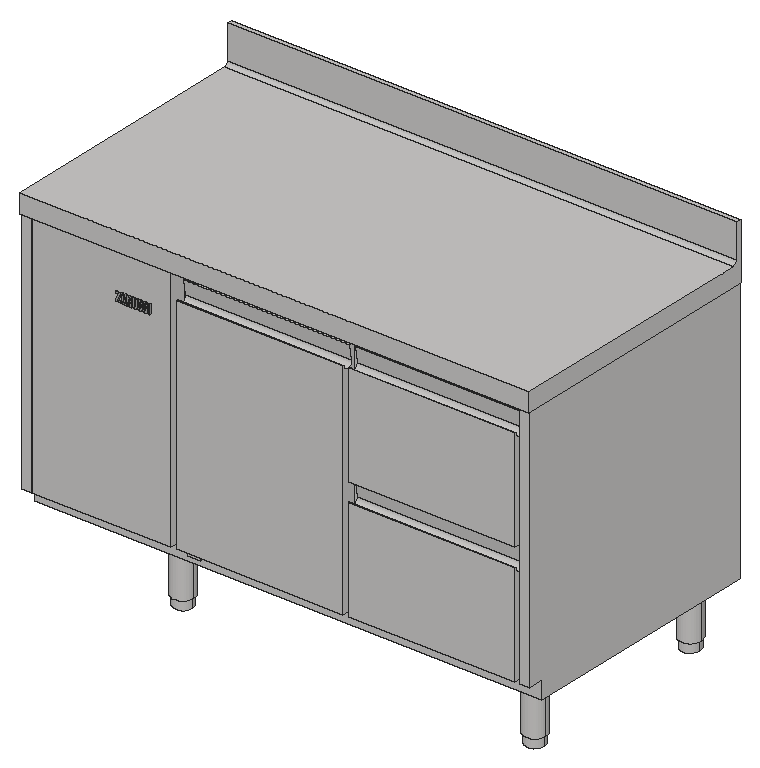
Revit family "QF_ZANUSSI_111026_ZH2H3AB", category Specialty Equipment, Revit 2018
Family settings
  Round Connector Dimension = Use Diameter
  Part Type = Normal
  Work Plane-Based = No
  Always vertical = Yes
  Cut with Voids When Loaded = No
  Shared = No
  Room Calculation Point = No
Parameters
  Weight = 0.00 kg
  Watts = 0.0232258 W
  Volts = 220 V
  URL Manufacturer = "http://www.zanussiprofessional.com/"
  URL = "http://www.zanussiprofessional.com/"
  Steam Supply Size = 0 mm
  Steam Supply Minimum Pressure = 0.0 Pa
  Steam Supply Maximum Pressure = 0.0 Pa
  Steam Pounds per Hour = 0
  Show Logo [instance] = yes
  Show Clearance [instance] = yes
  Refrigeration Suction Line Size = 0 mm
  Refrigeration Liquid Line Size = 0 mm
  Refrigerant Compressor Remote = yes
  Manufacturer = "Zanussi"
  Phase = 1
  Model = "ZH2H3AB"
  Length Actual = 1345 mm  # constant formula
  Item Number = "111026"
  Hot Water Size = 0 mm
  Height Actual = 1000 mm  # constant formula
  HP = "0.3 HP"
  Gas Size = 0 mm
  Gas KW = 0
  Gas Input Pressure = 0 W
  Description = "1DOOR+2DRAWERS REF.TABLE 290L-SPLASHB"
  Depth Actual = 700 mm  # constant formula
  Cycle = 50 Hz
  Condensate Return Size = 0 mm
  Compressed Air Volume = 0.0 L/s
  Compressed Air Size = 0 mm
  Compressed Air Pressure = 0.0 Pa
  Cold Water Size = 0 mm
  Accessory = yes
Reference planes
  plane 1 "Center X": y = 182.5
  plane 2: z = 0
  plane 3 "Center Y": x = -126.5
  plane 4: y = -62.5
  plane 5: y = 451.5
  plane 6 "BACK": y = 532.5
  plane 7 "FRONT": y = -167.5
  plane 8: x = -452
  plane 9: x = 478
  plane 10: z = 150
  plane 11 "TOP": z = 900
  plane 12: z = 850
  plane 13 "LEFT": x = -797
  plane 14 "RIGHT": x = 544
  plane 15: x = -799
  plane 16: x = 546
Forms (mm)
  Extrusion 1, solid, material "QF_Finishes_Stainless Steel"
    sketch origin (-126.5, 2, 0) x (0, 1, 0) y (0, 0, 1)
      loop
        line (530.5, 150) -> (530.5, 850) -> (-124.5, 850) -> (-124.5, 150) -> (530.5, 150)
    from -670.5 to 670.5
  Extrusion 2, solid, material "QF_Finishes_Stainless Steel"
    sketch origin (-1022.223, -1524, 150) x (-1, 0, 0) y (0, -1, 0)
      loop
        line (-225.223, -1361.5) -> (-250.223, -1361.5) -> (-250.223, -1401.5) -> (-225.223, -1401.5) -> (-225.223, -1361.5)
      loop
        line (-1566.223, -1401.5) -> (-1541.223, -1401.5) -> (-1541.223, -1361.5) -> (-1566.223, -1361.5) -> (-1566.223, -1401.5)
    from 47 to 700
  Extrusion 3, solid, material "QF_Finishes_Stainless Steel"
    sketch origin (0, 0, 900) x (-1, 0, 0) y (0, -1, 0)
      loop
        circle (-57, -94.5) r 8.45
    from -790.577 to -750
  Extrusion 4, solid, material "QF_Finishes_Stainless Steel"
    sketch origin (0, 0, 0) x (1, 0, 0) y (0, 1, 0)
      loop
        circle (-713, 451.5) r 4
    from 109.423 to 150
  Extrusion 5, solid, material "QF_Finishes_Stainless Steel"
    sketch origin (-126.5, 0, 0) x (0, 1, 0) y (0, 0, 1)
      loop
        line (-167.5, 900) -> (-167.5, 850) -> (532.5, 850) -> (532.5, 1000) -> (519.5, 1000) -> (519.5, 910)
        arc (519.5, 910) -> (516.571, 902.929) -> (509.5, 900) r 10
        line (509.5, 900) -> (-167.5, 900)
    from 672.5 to -672.5
Cuts and joins
  joined: Extrusion 1, Extrusion 2
Lines and regions (mm)
  symbolic lines, style "SpecialityEquipmentHiddenLines"
    curve 1: line (-799, -122.5, 900) -> (546, -122.5, 900)
    curve 2: line (-396, -167.5, 900) -> (-396, -122.5, 900)
  symbolic lines, style "SpecialityEquipment"
    curve 3: line (-799, 532.5, 900) -> (546, 532.5, 900)
    curve 4: line (-799, 532.5, 900) -> (-799, -167.5, 900)
    curve 5: line (-799, -167.5, 900) -> (546, -167.5, 900)
    curve 6: line (546, -167.5, 900) -> (546, 532.5, 900)
    curve 7: line (-799, 519.5, 900) -> (546, 519.5, 900)
Dimensions and locks
  locked: plane 6 "BACK" to plane 7 "FRONT" at 700
  equal spacing: plane 6 "BACK", plane 1 "Center X", plane 7 "FRONT"
  locked: plane 6 "BACK" to plane 5 at 81
  plane 10 to level = 150 mm
  plane 11 "TOP" to plane 12 to plane 10 = 50 mm locked, 700 mm locked
  locked: Extrusion 2 sketch curve to Extrusion 2 sketch curve at 25  (x2)
  locked: plane 4 to plane 7 "FRONT" at 105
  locked: plane 6 "BACK" to Extrusion 3 sketch curve at 438
  equal spacing: plane 13 "LEFT", plane 3 "Center Y", plane 14 "RIGHT"
  plane 15 to plane 16 = 1345 mm
  locked: plane 13 "LEFT" to plane 8 at 345
  locked: plane 9 to plane 14 "RIGHT" at 66
  locked: Extrusion 3 sketch curve to plane 14 "RIGHT" at 487
  plane 13 "LEFT" to Extrusion 4 sketch curve = 84 mm
  locked: plane 6 "BACK" to Extrusion 4 sketch curve at 81
  locked: plane 10 to Extrusion 4 at 40.577
  aligned and locked: level to plane 2
  aligned and locked: plane 10 to Extrusion 3
  aligned and locked: nested 4 to plane 4
  aligned and locked: nested 1 to plane 4
  aligned and locked: nested 3 to plane 5
  aligned and locked: nested 2 to plane 5
  aligned and locked: plane 8 to nested 1
  aligned and locked: plane 8 to nested 2
  aligned and locked: plane 9 to nested 4
  aligned and locked: plane 9 to nested 3
  aligned and locked: Extrusion 1 to Extrusion 2
  aligned and locked: Extrusion 2 to Extrusion 1
  aligned and locked: Extrusion 2 sketch curve to plane 14 "RIGHT"
  aligned and locked: plane 13 "LEFT" to Extrusion 2 sketch curve
  aligned and locked: cut or joined group of Extrusion 1, Extrusion 2 to plane 10
  aligned and locked: plane 12 to cut or joined group of Extrusion 1, Extrusion 2
  aligned and locked: plane 10 to Extrusion 4
  aligned and locked: Extrusion 5 sketch curve to plane 11 "TOP"
  aligned and locked: plane 7 "FRONT" to Extrusion 5 sketch curve
  aligned and locked: Extrusion 5 sketch curve to cut or joined group of Extrusion 1, Extrusion 2  (x2)
  aligned and locked: Extrusion 5 to curve 3
Automatic sketch dimensions
  plane 7 "FRONT" to Extrusion 2 sketch curve = 45 mm  (x2)
  plane 7 "FRONT" to Extrusion 2 sketch curve = 5 mm  (x2)
  Extrusion 1 sketch curve to plane 10 = 0 mm
  Extrusion 1 sketch curve to plane 12 = 0 mm
  Extrusion 1 sketch curve to plane 6 "BACK" = 0 mm
  plane 7 "FRONT" to Extrusion 1 sketch curve = 45 mm
  plane 11 "TOP" to Extrusion 5 sketch curve = 10 mm
  Extrusion 5 sketch curve to plane 6 "BACK" = 23 mm
  Extrusion 5 sketch curve to Extrusion 5 sketch curve = 90 mm
  curve 2 to plane 7 "FRONT" = 0 mm
  curve 5 to plane 15 = 0 mm
  curve 3 to plane 6 "BACK" = 0 mm
  plane 8 to curve 2 = 56 mm
  curve 7 to plane 6 "BACK" = 13 mm
  plane 7 "FRONT" to curve 1 = 45 mm
  radius of Extrusion 3 sketch curve = 8.45 mm
  radius of Extrusion 4 sketch curve = 4 mm
Nested families
  nested 1: "Foot_Ø50_H150" at (-452, -62.5, 0), type "Foot_Ø50_H150"
  nested 2: "Foot_Ø50_H150" at (-452, 451.5, 0), type "Foot_Ø50_H150"
  nested 3: "Foot_Ø50_H150" at (478, 451.5, 0), type "Foot_Ø50_H150"
  nested 4: "Foot_Ø50_H150" at (478, -62.5, 0), type "Foot_Ø50_H150"
  nested 5: "2 Drawers" at (285, -164.5, 0), Show Clearance <- "Show Clearance", type "2 Drawers"
  nested 6: "Door" at (-169, -164.5, 0) x (-1, 0, 0) z (0, 0, 1), Show Clearance <- "Show Clearance", type "Door"
  nested 7: "Refrigerator" at (544, -167.5, 900), type "Refrigerator"
  nested 8: "ZAN_Cooling Unit" at (-587.5, -164.5, 0), Show Logo <- "Show Logo", type "ZAN_Cooling Unit"
Connectors
  electrical at (-713, 451.5, 109.423), driven by "Volts"
    settings: on Extrusion 4, index 4, voltage 220 V, apparent load 0 VA, apparent load phase1 0 VA, apparent load phase2 0 VA, apparent load phase3 0 VA, power factor 1, load classification "Altro", number of poles 1, system type 30, power factor state 1, is connector primary yes, connector utility no, sub classification motor no, connector description "Electrical Connection"
  piping at (57, 94.5, 109.423), diameter 17
    settings: on Extrusion 3, index 5, connector inside diameter 609.6 mm, connector length 0 mm, flow factor 0, pipe flow 0.0 L/s, pressure drop 0.0 Pa, fitting loss kfactor 0, connector angle 0.00°, fixture units 0, engagement length 0 mm, angle of deflection 0.00°, flow configuration 1, flow direction 2, fitting loss method 0, system type 16, joint type 0, gender type 0, connector reference index -1, connector utility 0, adjustable connector no, is connector primary yes, connector description "Drain"
Definition of nested family "Foot_Ø50_H150"
  Reference planes
    plane 1 "Centro (Fronte/Retro)": y = 0
    plane 2: z = 0
    plane 3 "Centro (Sinistra/Destra)": x = 0
    plane 4: z = 150
  Forms (mm)
    Revolve 1, solid
      sketch origin (255.05, 0, 608.09) x (0, 0, 1) y (-1, 0, 0)
        loop
          line (-608.09, 255.05) -> (-608.09, 230.05) -> (-583.09, 230.05) -> (-583.09, 226.05) -> (-458.09, 226.05) -> (-458.09, 255.05) -> (-608.09, 255.05)
        axis (-608.09, 255.05) -> (-458.09, 255.05)
      angle from 0 to 360
  Dimensions and locks
    locked: Revolve 1 sketch curve to Revolve 1 sketch curve at 125
    aligned and locked: level to plane 2
    aligned and locked: plane 4 to Revolve 1 sketch curve
    aligned and locked: Revolve 1 sketch curve to level
    aligned and locked: plane 3 "Centro (Sinistra/Destra)" to Revolve 1 sketch curve
Definition of nested family "2 Drawers"
  Parameters
    Show Clearance [instance] = yes
  Reference planes
    plane 1 "FRONT": y = -3
    plane 2: z = 0
    plane 3 "Centro (Sinistra/Destra)": x = 0
    plane 4: z = 150
    plane 5: z = 850
    plane 6: x = -234
    plane 7: x = 234
    plane 8: x = -220
    plane 9: x = 220
  Forms (mm)
    Extrusion 1, solid
      sketch origin (0, 55, 511) x (0, 0, 1) y (0, -1, 0)
        loop
          line (314, 18) -> (314, 29) -> (274.395, 22.5)
          arc (274.395, 22.5) -> (260.395, 36.5) -> (274.395, 50.5) r 14
          line (274.395, 50.5) -> (274.395, 53) -> (5, 53) -> (5, 18) -> (314, 18)
        loop
          line (-5, 29) -> (-44.605, 22.5)
          arc (-44.605, 22.5) -> (-58.605, 36.5) -> (-44.605, 50.5) r 14
          line (-44.605, 50.5) -> (-44.605, 53) -> (-314, 53) -> (-314, 18) -> (-5, 18) -> (-5, 29)
      from -220 to 220
    Extrusion 2, solid, visible <- "Show Clearance", detail levels coarse
      sketch origin (0, -462, 511) x (0, 0, 1) y (0, -1, 0)
        loop
          line (-314, 109) -> (-314, -464) -> (-5, -464) -> (-5, 109) -> (-314, 109)
        loop
          line (314, -464) -> (314, 109) -> (5, 109) -> (5, -464) -> (314, -464)
      from -220 to 220
  Lines and regions (mm)
    symbolic lines
      curve 1: line (-190, -3, 0) -> (-190, -88, 0)
      curve 2: line (190, -88, 0) -> (190, -3, 0)
      curve 3: line (220, -88, 0) -> (-220, -88, 0)
      curve 4: line (-220, -88, 0) -> (-220, -123, 0)
      curve 5: line (-220, -123, 0) -> (220, -123, 0)
      curve 6: line (220, -123, 0) -> (220, -88, 0)
      curve 7: line (-190, -123, 0) -> (-190, -208, 0)
      curve 8: line (220, -208, 0) -> (-220, -208, 0)
      curve 9: line (-220, -208, 0) -> (-220, -243, 0)
      curve 10: line (-220, -243, 0) -> (220, -243, 0)
      curve 11: line (220, -243, 0) -> (220, -208, 0)
      curve 12: line (190, -208, 0) -> (190, -123, 0)
  Dimensions and locks
    aligned and locked: level to plane 2
Definition of nested family "Door"
  Parameters
    Show Clearance [instance] = yes
  Reference planes
    plane 1 "FRONT": y = -3
    plane 2: z = 0
    plane 3 "Centro (Sinistra/Destra)": x = 0
    plane 4: z = 150
    plane 5: z = 850
    plane 6: x = -234
    plane 7: x = 234
    plane 8: x = -220
    plane 9: x = 220
  Forms (mm)
    Extrusion 1, solid
      sketch origin (0, 53, 511) x (0, 0, 1) y (0, -1, 0)
        loop
          line (-323.003, 28.5) -> (-316.501, 28.5) -> (-316.501, 31) -> (-325.503, 31) -> (-325.503, 13.5) -> (-345.503, 13.5) -> (-345.503, 11) -> (-323.003, 11) -> (-323.003, 23.259) -> (-323.003, 28.5)
        loop
          line (-314, 27) -> (-316.501, 27) -> (-316.501, 18.501) -> (-319.752, 18.501) -> (-319.752, 16) -> (-314, 16) -> (-314, 27)
        loop
          line (315.003, 27) -> (315.003, 13.948) -> (315.003, 11) -> (327.503, 11) -> (327.503, 13.5) -> (317.503, 13.5) -> (317.503, 27) -> (315.003, 27)
      from 185 to 220
    Extrusion 2, solid, visible <- "Show Clearance", detail levels coarse
      sketch origin (0, 53, 511) x (0, -1, 0) y (1, 0, 0)
        loop
          line (51, 220) -> (51, -220)
          arc (51, -220) -> (339.234, -79.44) -> (454, 220) r 437.168
          line (454, 220) -> (51, 220)
      from -314 to 314
    Extrusion 3, solid
      sketch origin (0, 55, 511) x (0, 0, 1) y (0, -1, 0)
        loop
          line (314, 18) -> (314, 29) -> (274.395, 22.5)
          arc (274.395, 22.5) -> (260.395, 36.5) -> (274.395, 50.5) r 14
          line (274.395, 50.5) -> (274.395, 53) -> (-314, 53) -> (-314, 18) -> (314, 18)
      from -220 to 220
  Lines and regions (mm)
    symbolic lines
      curve 1: line (220, -3, 0) -> (220, -401, 0)
      curve 2: line (220, -401, 0) -> (185, -401, 0)
      curve 3: line (185, -401, 0) -> (185, -3, 0)
      curve 4: arc (-219.722, -3, 0) -> (-89.51, -275.368, 0) -> (185, -401, 0) r 442.855
  Dimensions and locks
    aligned and locked: level to plane 2
Definition of nested family "ZAN_Cooling Unit"
  Parameters
    Show Logo [instance] = yes
  Reference planes
    plane 1 "FRONT": y = -3
    plane 2: z = 0
    plane 3 "Centro (Sinistra/Destra)": x = 0
    plane 4: z = 150
    plane 5: z = 850
    plane 6: x = -184.5
    plane 7: x = 184.5
  Forms (mm)
    Extrusion 1, solid
      sketch origin (0, 55, 511) x (0, 0, 1) y (0, -1, 0)
        loop
          line (-314, 53) -> (-314, 13) -> (339, 13) -> (339, 53) -> (-314, 53)
      from -184.5 to 184.5
  Lines and regions (mm)
    Split face 1
      outline origin (0, 2, 197) x (0, 0, 1) y (-1, 0, 0)
        loop
          line (566.835, 184.5) -> (566.835, -184.5)
        loop
          line (521.835, 184.5) -> (521.835, -184.5)
    Split face 2
      outline origin (0, 2, 197) x (0, 0, 1) y (-1, 0, 0)
        loop
          arc (510.649, 158.547) -> (506.648, 162.548) -> (502.647, 158.547) r 4.001
          line (502.647, 158.547) -> (502.647, 116.535)
          arc (502.647, 116.535) -> (506.648, 112.533) -> (510.649, 116.535) r 4.001
          line (510.649, 116.535) -> (510.649, 158.547)
    Split face 3
      outline origin (0, 2, 184.996) x (0, 0, 1) y (-1, 0, 0)
        loop
          arc (510.649, 158.547) -> (506.648, 162.548) -> (502.647, 158.547) r 4.001
          line (502.647, 158.547) -> (502.647, 116.535)
          arc (502.647, 116.535) -> (506.648, 112.533) -> (510.649, 116.535) r 4.001
          line (510.649, 116.535) -> (510.649, 158.547)
    Split face 4
      outline origin (0, 2, 172.993) x (0, 0, 1) y (-1, 0, 0)
        loop
          arc (510.649, 158.547) -> (506.648, 162.548) -> (502.647, 158.547) r 4.001
          line (502.647, 158.547) -> (502.647, 116.535)
          arc (502.647, 116.535) -> (506.648, 112.533) -> (510.649, 116.535) r 4.001
          line (510.649, 116.535) -> (510.649, 158.547)
    Split face 5
      outline origin (0, 2, 160.989) x (0, 0, 1) y (-1, 0, 0)
        loop
          arc (510.649, 158.547) -> (506.648, 162.548) -> (502.647, 158.547) r 4.001
          line (502.647, 158.547) -> (502.647, 116.535)
          arc (502.647, 116.535) -> (506.648, 112.533) -> (510.649, 116.535) r 4.001
          line (510.649, 116.535) -> (510.649, 158.547)
    Split face 6
      outline origin (0, 2, 148.986) x (0, 0, 1) y (-1, 0, 0)
        loop
          arc (510.649, 158.547) -> (506.648, 162.548) -> (502.647, 158.547) r 4.001
          line (502.647, 158.547) -> (502.647, 116.535)
          arc (502.647, 116.535) -> (506.648, 112.533) -> (510.649, 116.535) r 4.001
          line (510.649, 116.535) -> (510.649, 158.547)
    Split face 7
      outline origin (0, 2, 136.982) x (0, 0, 1) y (-1, 0, 0)
        loop
          arc (510.649, 158.547) -> (506.648, 162.548) -> (502.647, 158.547) r 4.001
          line (502.647, 158.547) -> (502.647, 116.535)
          arc (502.647, 116.535) -> (506.648, 112.533) -> (510.649, 116.535) r 4.001
          line (510.649, 116.535) -> (510.649, 158.547)
    Split face 8
      outline origin (0, 2, 124.979) x (0, 0, 1) y (-1, 0, 0)
        loop
          arc (510.649, 158.547) -> (506.648, 162.548) -> (502.647, 158.547) r 4.001
          line (502.647, 158.547) -> (502.647, 116.535)
          arc (502.647, 116.535) -> (506.648, 112.533) -> (510.649, 116.535) r 4.001
          line (510.649, 116.535) -> (510.649, 158.547)
    Split face 9
      outline origin (0, 2, 112.975) x (0, 0, 1) y (-1, 0, 0)
        loop
          arc (510.649, 158.547) -> (506.648, 162.548) -> (502.647, 158.547) r 4.001
          line (502.647, 158.547) -> (502.647, 116.535)
          arc (502.647, 116.535) -> (506.648, 112.533) -> (510.649, 116.535) r 4.001
          line (510.649, 116.535) -> (510.649, 158.547)
    Split face 10
      outline origin (0, 2, 100.972) x (0, 0, 1) y (-1, 0, 0)
        loop
          arc (510.649, 158.547) -> (506.648, 162.548) -> (502.647, 158.547) r 4.001
          line (502.647, 158.547) -> (502.647, 116.535)
          arc (502.647, 116.535) -> (506.648, 112.533) -> (510.649, 116.535) r 4.001
          line (510.649, 116.535) -> (510.649, 158.547)
    Split face 11
      outline origin (0, 2, 88.968) x (0, 0, 1) y (-1, 0, 0)
        loop
          arc (510.649, 158.547) -> (506.648, 162.548) -> (502.647, 158.547) r 4.001
          line (502.647, 158.547) -> (502.647, 116.535)
          arc (502.647, 116.535) -> (506.648, 112.533) -> (510.649, 116.535) r 4.001
          line (510.649, 116.535) -> (510.649, 158.547)
    Split face 12
      outline origin (0, 2, 76.965) x (0, 0, 1) y (-1, 0, 0)
        loop
          arc (510.649, 158.547) -> (506.648, 162.548) -> (502.647, 158.547) r 4.001
          line (502.647, 158.547) -> (502.647, 116.535)
          arc (502.647, 116.535) -> (506.648, 112.533) -> (510.649, 116.535) r 4.001
          line (510.649, 116.535) -> (510.649, 158.547)
    Split face 13
      outline origin (0, 2, 64.961) x (0, 0, 1) y (-1, 0, 0)
        loop
          arc (510.649, 158.547) -> (506.648, 162.548) -> (502.647, 158.547) r 4.001
          line (502.647, 158.547) -> (502.647, 116.535)
          arc (502.647, 116.535) -> (506.648, 112.533) -> (510.649, 116.535) r 4.001
          line (510.649, 116.535) -> (510.649, 158.547)
    Split face 14
      outline origin (0, 2, 52.958) x (0, 0, 1) y (-1, 0, 0)
        loop
          arc (510.649, 158.547) -> (506.648, 162.548) -> (502.647, 158.547) r 4.001
          line (502.647, 158.547) -> (502.647, 116.535)
          arc (502.647, 116.535) -> (506.648, 112.533) -> (510.649, 116.535) r 4.001
          line (510.649, 116.535) -> (510.649, 158.547)
    Split face 15
      outline origin (0, 2, 40.954) x (0, 0, 1) y (-1, 0, 0)
        loop
          arc (510.649, 158.547) -> (506.648, 162.548) -> (502.647, 158.547) r 4.001
          line (502.647, 158.547) -> (502.647, 116.535)
          arc (502.647, 116.535) -> (506.648, 112.533) -> (510.649, 116.535) r 4.001
          line (510.649, 116.535) -> (510.649, 158.547)
    Split face 16
      outline origin (0, 2, 28.951) x (0, 0, 1) y (-1, 0, 0)
        loop
          arc (510.649, 158.547) -> (506.648, 162.548) -> (502.647, 158.547) r 4.001
          line (502.647, 158.547) -> (502.647, 116.535)
          arc (502.647, 116.535) -> (506.648, 112.533) -> (510.649, 116.535) r 4.001
          line (510.649, 116.535) -> (510.649, 158.547)
    Split face 17
      outline origin (0, 2, 16.947) x (0, 0, 1) y (-1, 0, 0)
        loop
          arc (510.649, 158.547) -> (506.648, 162.548) -> (502.647, 158.547) r 4.001
          line (502.647, 158.547) -> (502.647, 116.535)
          arc (502.647, 116.535) -> (506.648, 112.533) -> (510.649, 116.535) r 4.001
          line (510.649, 116.535) -> (510.649, 158.547)
    Split face 18
      outline origin (55.016, 2, 197) x (0, 0, 1) y (-1, 0, 0)
        loop
          arc (510.649, 158.547) -> (506.648, 162.548) -> (502.647, 158.547) r 4.001
          line (502.647, 158.547) -> (502.647, 116.535)
          arc (502.647, 116.535) -> (506.648, 112.533) -> (510.649, 116.535) r 4.001
          line (510.649, 116.535) -> (510.649, 158.547)
    Split face 19
      outline origin (55.016, 2, 184.996) x (0, 0, 1) y (-1, 0, 0)
        loop
          arc (510.649, 158.547) -> (506.648, 162.548) -> (502.647, 158.547) r 4.001
          line (502.647, 158.547) -> (502.647, 116.535)
          arc (502.647, 116.535) -> (506.648, 112.533) -> (510.649, 116.535) r 4.001
          line (510.649, 116.535) -> (510.649, 158.547)
    Split face 20
      outline origin (55.016, 2, 172.993) x (0, 0, 1) y (-1, 0, 0)
        loop
          arc (510.649, 158.547) -> (506.648, 162.548) -> (502.647, 158.547) r 4.001
          line (502.647, 158.547) -> (502.647, 116.535)
          arc (502.647, 116.535) -> (506.648, 112.533) -> (510.649, 116.535) r 4.001
          line (510.649, 116.535) -> (510.649, 158.547)
    Split face 21
      outline origin (55.016, 2, 160.989) x (0, 0, 1) y (-1, 0, 0)
        loop
          arc (510.649, 158.547) -> (506.648, 162.548) -> (502.647, 158.547) r 4.001
          line (502.647, 158.547) -> (502.647, 116.535)
          arc (502.647, 116.535) -> (506.648, 112.533) -> (510.649, 116.535) r 4.001
          line (510.649, 116.535) -> (510.649, 158.547)
    Split face 22
      outline origin (55.016, 2, 148.986) x (0, 0, 1) y (-1, 0, 0)
        loop
          arc (510.649, 158.547) -> (506.648, 162.548) -> (502.647, 158.547) r 4.001
          line (502.647, 158.547) -> (502.647, 116.535)
          arc (502.647, 116.535) -> (506.648, 112.533) -> (510.649, 116.535) r 4.001
          line (510.649, 116.535) -> (510.649, 158.547)
    Split face 23
      outline origin (55.016, 2, 136.982) x (0, 0, 1) y (-1, 0, 0)
        loop
          arc (510.649, 158.547) -> (506.648, 162.548) -> (502.647, 158.547) r 4.001
          line (502.647, 158.547) -> (502.647, 116.535)
          arc (502.647, 116.535) -> (506.648, 112.533) -> (510.649, 116.535) r 4.001
          line (510.649, 116.535) -> (510.649, 158.547)
    Split face 24
      outline origin (55.016, 2, 124.979) x (0, 0, 1) y (-1, 0, 0)
        loop
          arc (510.649, 158.547) -> (506.648, 162.548) -> (502.647, 158.547) r 4.001
          line (502.647, 158.547) -> (502.647, 116.535)
          arc (502.647, 116.535) -> (506.648, 112.533) -> (510.649, 116.535) r 4.001
          line (510.649, 116.535) -> (510.649, 158.547)
    Split face 25
      outline origin (55.016, 2, 112.975) x (0, 0, 1) y (-1, 0, 0)
        loop
          arc (510.649, 158.547) -> (506.648, 162.548) -> (502.647, 158.547) r 4.001
          line (502.647, 158.547) -> (502.647, 116.535)
          arc (502.647, 116.535) -> (506.648, 112.533) -> (510.649, 116.535) r 4.001
          line (510.649, 116.535) -> (510.649, 158.547)
    Split face 26
      outline origin (55.016, 2, 100.972) x (0, 0, 1) y (-1, 0, 0)
        loop
          arc (510.649, 158.547) -> (506.648, 162.548) -> (502.647, 158.547) r 4.001
          line (502.647, 158.547) -> (502.647, 116.535)
          arc (502.647, 116.535) -> (506.648, 112.533) -> (510.649, 116.535) r 4.001
          line (510.649, 116.535) -> (510.649, 158.547)
    Split face 27
      outline origin (55.016, 2, 88.968) x (0, 0, 1) y (-1, 0, 0)
        loop
          arc (510.649, 158.547) -> (506.648, 162.548) -> (502.647, 158.547) r 4.001
          line (502.647, 158.547) -> (502.647, 116.535)
          arc (502.647, 116.535) -> (506.648, 112.533) -> (510.649, 116.535) r 4.001
          line (510.649, 116.535) -> (510.649, 158.547)
    Split face 28
      outline origin (55.016, 2, 76.965) x (0, 0, 1) y (-1, 0, 0)
        loop
          arc (510.649, 158.547) -> (506.648, 162.548) -> (502.647, 158.547) r 4.001
          line (502.647, 158.547) -> (502.647, 116.535)
          arc (502.647, 116.535) -> (506.648, 112.533) -> (510.649, 116.535) r 4.001
          line (510.649, 116.535) -> (510.649, 158.547)
    Split face 29
      outline origin (55.016, 2, 64.961) x (0, 0, 1) y (-1, 0, 0)
        loop
          arc (510.649, 158.547) -> (506.648, 162.548) -> (502.647, 158.547) r 4.001
          line (502.647, 158.547) -> (502.647, 116.535)
          arc (502.647, 116.535) -> (506.648, 112.533) -> (510.649, 116.535) r 4.001
          line (510.649, 116.535) -> (510.649, 158.547)
    Split face 30
      outline origin (55.016, 2, 52.958) x (0, 0, 1) y (-1, 0, 0)
        loop
          arc (510.649, 158.547) -> (506.648, 162.548) -> (502.647, 158.547) r 4.001
          line (502.647, 158.547) -> (502.647, 116.535)
          arc (502.647, 116.535) -> (506.648, 112.533) -> (510.649, 116.535) r 4.001
          line (510.649, 116.535) -> (510.649, 158.547)
    Split face 31
      outline origin (55.016, 2, 40.954) x (0, 0, 1) y (-1, 0, 0)
        loop
          arc (510.649, 158.547) -> (506.648, 162.548) -> (502.647, 158.547) r 4.001
          line (502.647, 158.547) -> (502.647, 116.535)
          arc (502.647, 116.535) -> (506.648, 112.533) -> (510.649, 116.535) r 4.001
          line (510.649, 116.535) -> (510.649, 158.547)
    Split face 32
      outline origin (55.016, 2, 28.951) x (0, 0, 1) y (-1, 0, 0)
        loop
          arc (510.649, 158.547) -> (506.648, 162.548) -> (502.647, 158.547) r 4.001
          line (502.647, 158.547) -> (502.647, 116.535)
          arc (502.647, 116.535) -> (506.648, 112.533) -> (510.649, 116.535) r 4.001
          line (510.649, 116.535) -> (510.649, 158.547)
    Split face 33
      outline origin (55.016, 2, 16.947) x (0, 0, 1) y (-1, 0, 0)
        loop
          arc (510.649, 158.547) -> (506.648, 162.548) -> (502.647, 158.547) r 4.001
          line (502.647, 158.547) -> (502.647, 116.535)
          arc (502.647, 116.535) -> (506.648, 112.533) -> (510.649, 116.535) r 4.001
          line (510.649, 116.535) -> (510.649, 158.547)
    Split face 34
      outline origin (110.032, 2, 197) x (0, 0, 1) y (-1, 0, 0)
        loop
          arc (510.649, 158.547) -> (506.648, 162.548) -> (502.647, 158.547) r 4.001
          line (502.647, 158.547) -> (502.647, 116.535)
          arc (502.647, 116.535) -> (506.648, 112.533) -> (510.649, 116.535) r 4.001
          line (510.649, 116.535) -> (510.649, 158.547)
    Split face 35
      outline origin (110.032, 2, 184.996) x (0, 0, 1) y (-1, 0, 0)
        loop
          arc (510.649, 158.547) -> (506.648, 162.548) -> (502.647, 158.547) r 4.001
          line (502.647, 158.547) -> (502.647, 116.535)
          arc (502.647, 116.535) -> (506.648, 112.533) -> (510.649, 116.535) r 4.001
          line (510.649, 116.535) -> (510.649, 158.547)
    Split face 36
      outline origin (110.032, 2, 172.993) x (0, 0, 1) y (-1, 0, 0)
        loop
          arc (510.649, 158.547) -> (506.648, 162.548) -> (502.647, 158.547) r 4.001
          line (502.647, 158.547) -> (502.647, 116.535)
          arc (502.647, 116.535) -> (506.648, 112.533) -> (510.649, 116.535) r 4.001
          line (510.649, 116.535) -> (510.649, 158.547)
    Split face 37
      outline origin (110.032, 2, 160.989) x (0, 0, 1) y (-1, 0, 0)
        loop
          arc (510.649, 158.547) -> (506.648, 162.548) -> (502.647, 158.547) r 4.001
          line (502.647, 158.547) -> (502.647, 116.535)
          arc (502.647, 116.535) -> (506.648, 112.533) -> (510.649, 116.535) r 4.001
          line (510.649, 116.535) -> (510.649, 158.547)
    Split face 38
      outline origin (110.032, 2, 148.986) x (0, 0, 1) y (-1, 0, 0)
        loop
          arc (510.649, 158.547) -> (506.648, 162.548) -> (502.647, 158.547) r 4.001
          line (502.647, 158.547) -> (502.647, 116.535)
          arc (502.647, 116.535) -> (506.648, 112.533) -> (510.649, 116.535) r 4.001
          line (510.649, 116.535) -> (510.649, 158.547)
    Split face 39
      outline origin (110.032, 2, 136.982) x (0, 0, 1) y (-1, 0, 0)
        loop
          arc (510.649, 158.547) -> (506.648, 162.548) -> (502.647, 158.547) r 4.001
          line (502.647, 158.547) -> (502.647, 116.535)
          arc (502.647, 116.535) -> (506.648, 112.533) -> (510.649, 116.535) r 4.001
          line (510.649, 116.535) -> (510.649, 158.547)
    Split face 40
      outline origin (110.032, 2, 124.979) x (0, 0, 1) y (-1, 0, 0)
        loop
          arc (510.649, 158.547) -> (506.648, 162.548) -> (502.647, 158.547) r 4.001
          line (502.647, 158.547) -> (502.647, 116.535)
          arc (502.647, 116.535) -> (506.648, 112.533) -> (510.649, 116.535) r 4.001
          line (510.649, 116.535) -> (510.649, 158.547)
    Split face 41
      outline origin (110.032, 2, 112.975) x (0, 0, 1) y (-1, 0, 0)
        loop
          arc (510.649, 158.547) -> (506.648, 162.548) -> (502.647, 158.547) r 4.001
          line (502.647, 158.547) -> (502.647, 116.535)
          arc (502.647, 116.535) -> (506.648, 112.533) -> (510.649, 116.535) r 4.001
          line (510.649, 116.535) -> (510.649, 158.547)
    Split face 42
      outline origin (110.032, 2, 100.972) x (0, 0, 1) y (-1, 0, 0)
        loop
          arc (510.649, 158.547) -> (506.648, 162.548) -> (502.647, 158.547) r 4.001
          line (502.647, 158.547) -> (502.647, 116.535)
          arc (502.647, 116.535) -> (506.648, 112.533) -> (510.649, 116.535) r 4.001
          line (510.649, 116.535) -> (510.649, 158.547)
    Split face 43
      outline origin (110.032, 2, 88.968) x (0, 0, 1) y (-1, 0, 0)
        loop
          arc (510.649, 158.547) -> (506.648, 162.548) -> (502.647, 158.547) r 4.001
          line (502.647, 158.547) -> (502.647, 116.535)
          arc (502.647, 116.535) -> (506.648, 112.533) -> (510.649, 116.535) r 4.001
          line (510.649, 116.535) -> (510.649, 158.547)
    Split face 44
      outline origin (110.032, 2, 76.965) x (0, 0, 1) y (-1, 0, 0)
        loop
          arc (510.649, 158.547) -> (506.648, 162.548) -> (502.647, 158.547) r 4.001
          line (502.647, 158.547) -> (502.647, 116.535)
          arc (502.647, 116.535) -> (506.648, 112.533) -> (510.649, 116.535) r 4.001
          line (510.649, 116.535) -> (510.649, 158.547)
    Split face 45
      outline origin (110.032, 2, 64.961) x (0, 0, 1) y (-1, 0, 0)
        loop
          arc (510.649, 158.547) -> (506.648, 162.548) -> (502.647, 158.547) r 4.001
          line (502.647, 158.547) -> (502.647, 116.535)
          arc (502.647, 116.535) -> (506.648, 112.533) -> (510.649, 116.535) r 4.001
          line (510.649, 116.535) -> (510.649, 158.547)
    Split face 46
      outline origin (110.032, 2, 52.958) x (0, 0, 1) y (-1, 0, 0)
        loop
          arc (510.649, 158.547) -> (506.648, 162.548) -> (502.647, 158.547) r 4.001
          line (502.647, 158.547) -> (502.647, 116.535)
          arc (502.647, 116.535) -> (506.648, 112.533) -> (510.649, 116.535) r 4.001
          line (510.649, 116.535) -> (510.649, 158.547)
    Split face 47
      outline origin (110.032, 2, 40.954) x (0, 0, 1) y (-1, 0, 0)
        loop
          arc (510.649, 158.547) -> (506.648, 162.548) -> (502.647, 158.547) r 4.001
          line (502.647, 158.547) -> (502.647, 116.535)
          arc (502.647, 116.535) -> (506.648, 112.533) -> (510.649, 116.535) r 4.001
          line (510.649, 116.535) -> (510.649, 158.547)
    Split face 48
      outline origin (110.032, 2, 28.951) x (0, 0, 1) y (-1, 0, 0)
        loop
          arc (510.649, 158.547) -> (506.648, 162.548) -> (502.647, 158.547) r 4.001
          line (502.647, 158.547) -> (502.647, 116.535)
          arc (502.647, 116.535) -> (506.648, 112.533) -> (510.649, 116.535) r 4.001
          line (510.649, 116.535) -> (510.649, 158.547)
    Split face 49
      outline origin (110.032, 2, 16.947) x (0, 0, 1) y (-1, 0, 0)
        loop
          arc (510.649, 158.547) -> (506.648, 162.548) -> (502.647, 158.547) r 4.001
          line (502.647, 158.547) -> (502.647, 116.535)
          arc (502.647, 116.535) -> (506.648, 112.533) -> (510.649, 116.535) r 4.001
          line (510.649, 116.535) -> (510.649, 158.547)
    Split face 50
      outline origin (165.048, 2, 197) x (0, 0, 1) y (-1, 0, 0)
        loop
          arc (510.649, 158.547) -> (506.648, 162.548) -> (502.647, 158.547) r 4.001
          line (502.647, 158.547) -> (502.647, 116.535)
          arc (502.647, 116.535) -> (506.648, 112.533) -> (510.649, 116.535) r 4.001
          line (510.649, 116.535) -> (510.649, 158.547)
    Split face 51
      outline origin (165.048, 2, 184.996) x (0, 0, 1) y (-1, 0, 0)
        loop
          arc (510.649, 158.547) -> (506.648, 162.548) -> (502.647, 158.547) r 4.001
          line (502.647, 158.547) -> (502.647, 116.535)
          arc (502.647, 116.535) -> (506.648, 112.533) -> (510.649, 116.535) r 4.001
          line (510.649, 116.535) -> (510.649, 158.547)
    Split face 52
      outline origin (165.048, 2, 172.993) x (0, 0, 1) y (-1, 0, 0)
        loop
          arc (510.649, 158.547) -> (506.648, 162.548) -> (502.647, 158.547) r 4.001
          line (502.647, 158.547) -> (502.647, 116.535)
          arc (502.647, 116.535) -> (506.648, 112.533) -> (510.649, 116.535) r 4.001
          line (510.649, 116.535) -> (510.649, 158.547)
    Split face 53
      outline origin (165.048, 2, 160.989) x (0, 0, 1) y (-1, 0, 0)
        loop
          arc (510.649, 158.547) -> (506.648, 162.548) -> (502.647, 158.547) r 4.001
          line (502.647, 158.547) -> (502.647, 116.535)
          arc (502.647, 116.535) -> (506.648, 112.533) -> (510.649, 116.535) r 4.001
          line (510.649, 116.535) -> (510.649, 158.547)
    Split face 54
      outline origin (165.048, 2, 148.986) x (0, 0, 1) y (-1, 0, 0)
        loop
          arc (510.649, 158.547) -> (506.648, 162.548) -> (502.647, 158.547) r 4.001
          line (502.647, 158.547) -> (502.647, 116.535)
          arc (502.647, 116.535) -> (506.648, 112.533) -> (510.649, 116.535) r 4.001
          line (510.649, 116.535) -> (510.649, 158.547)
    Split face 55
      outline origin (165.048, 2, 136.982) x (0, 0, 1) y (-1, 0, 0)
        loop
          arc (510.649, 158.547) -> (506.648, 162.548) -> (502.647, 158.547) r 4.001
          line (502.647, 158.547) -> (502.647, 116.535)
          arc (502.647, 116.535) -> (506.648, 112.533) -> (510.649, 116.535) r 4.001
          line (510.649, 116.535) -> (510.649, 158.547)
    Split face 56
      outline origin (165.048, 2, 124.979) x (0, 0, 1) y (-1, 0, 0)
        loop
          arc (510.649, 158.547) -> (506.648, 162.548) -> (502.647, 158.547) r 4.001
          line (502.647, 158.547) -> (502.647, 116.535)
          arc (502.647, 116.535) -> (506.648, 112.533) -> (510.649, 116.535) r 4.001
          line (510.649, 116.535) -> (510.649, 158.547)
    Split face 57
      outline origin (165.048, 2, 112.975) x (0, 0, 1) y (-1, 0, 0)
        loop
          arc (510.649, 158.547) -> (506.648, 162.548) -> (502.647, 158.547) r 4.001
          line (502.647, 158.547) -> (502.647, 116.535)
          arc (502.647, 116.535) -> (506.648, 112.533) -> (510.649, 116.535) r 4.001
          line (510.649, 116.535) -> (510.649, 158.547)
    Split face 58
      outline origin (165.048, 2, 100.972) x (0, 0, 1) y (-1, 0, 0)
        loop
          arc (510.649, 158.547) -> (506.648, 162.548) -> (502.647, 158.547) r 4.001
          line (502.647, 158.547) -> (502.647, 116.535)
          arc (502.647, 116.535) -> (506.648, 112.533) -> (510.649, 116.535) r 4.001
          line (510.649, 116.535) -> (510.649, 158.547)
    Split face 59
      outline origin (165.048, 2, 88.968) x (0, 0, 1) y (-1, 0, 0)
        loop
          arc (510.649, 158.547) -> (506.648, 162.548) -> (502.647, 158.547) r 4.001
          line (502.647, 158.547) -> (502.647, 116.535)
          arc (502.647, 116.535) -> (506.648, 112.533) -> (510.649, 116.535) r 4.001
          line (510.649, 116.535) -> (510.649, 158.547)
    Split face 60
      outline origin (165.048, 2, 76.965) x (0, 0, 1) y (-1, 0, 0)
        loop
          arc (510.649, 158.547) -> (506.648, 162.548) -> (502.647, 158.547) r 4.001
          line (502.647, 158.547) -> (502.647, 116.535)
          arc (502.647, 116.535) -> (506.648, 112.533) -> (510.649, 116.535) r 4.001
          line (510.649, 116.535) -> (510.649, 158.547)
    Split face 61
      outline origin (165.048, 2, 64.961) x (0, 0, 1) y (-1, 0, 0)
        loop
          arc (510.649, 158.547) -> (506.648, 162.548) -> (502.647, 158.547) r 4.001
          line (502.647, 158.547) -> (502.647, 116.535)
          arc (502.647, 116.535) -> (506.648, 112.533) -> (510.649, 116.535) r 4.001
          line (510.649, 116.535) -> (510.649, 158.547)
    Split face 62
      outline origin (165.048, 2, 52.958) x (0, 0, 1) y (-1, 0, 0)
        loop
          arc (510.649, 158.547) -> (506.648, 162.548) -> (502.647, 158.547) r 4.001
          line (502.647, 158.547) -> (502.647, 116.535)
          arc (502.647, 116.535) -> (506.648, 112.533) -> (510.649, 116.535) r 4.001
          line (510.649, 116.535) -> (510.649, 158.547)
    Split face 63
      outline origin (165.048, 2, 40.954) x (0, 0, 1) y (-1, 0, 0)
        loop
          arc (510.649, 158.547) -> (506.648, 162.548) -> (502.647, 158.547) r 4.001
          line (502.647, 158.547) -> (502.647, 116.535)
          arc (502.647, 116.535) -> (506.648, 112.533) -> (510.649, 116.535) r 4.001
          line (510.649, 116.535) -> (510.649, 158.547)
    Split face 64
      outline origin (165.048, 2, 28.951) x (0, 0, 1) y (-1, 0, 0)
        loop
          arc (510.649, 158.547) -> (506.648, 162.548) -> (502.647, 158.547) r 4.001
          line (502.647, 158.547) -> (502.647, 116.535)
          arc (502.647, 116.535) -> (506.648, 112.533) -> (510.649, 116.535) r 4.001
          line (510.649, 116.535) -> (510.649, 158.547)
    Split face 65
      outline origin (165.048, 2, 16.947) x (0, 0, 1) y (-1, 0, 0)
        loop
          arc (510.649, 158.547) -> (506.648, 162.548) -> (502.647, 158.547) r 4.001
          line (502.647, 158.547) -> (502.647, 116.535)
          arc (502.647, 116.535) -> (506.648, 112.533) -> (510.649, 116.535) r 4.001
          line (510.649, 116.535) -> (510.649, 158.547)
    Split face 66
      outline origin (220.064, 2, 197) x (0, 0, 1) y (-1, 0, 0)
        loop
          arc (510.649, 158.547) -> (506.648, 162.548) -> (502.647, 158.547) r 4.001
          line (502.647, 158.547) -> (502.647, 116.535)
          arc (502.647, 116.535) -> (506.648, 112.533) -> (510.649, 116.535) r 4.001
          line (510.649, 116.535) -> (510.649, 158.547)
    Split face 67
      outline origin (220.064, 2, 184.996) x (0, 0, 1) y (-1, 0, 0)
        loop
          arc (510.649, 158.547) -> (506.648, 162.548) -> (502.647, 158.547) r 4.001
          line (502.647, 158.547) -> (502.647, 116.535)
          arc (502.647, 116.535) -> (506.648, 112.533) -> (510.649, 116.535) r 4.001
          line (510.649, 116.535) -> (510.649, 158.547)
    Split face 68
      outline origin (220.064, 2, 172.993) x (0, 0, 1) y (-1, 0, 0)
        loop
          arc (510.649, 158.547) -> (506.648, 162.548) -> (502.647, 158.547) r 4.001
          line (502.647, 158.547) -> (502.647, 116.535)
          arc (502.647, 116.535) -> (506.648, 112.533) -> (510.649, 116.535) r 4.001
          line (510.649, 116.535) -> (510.649, 158.547)
    Split face 69
      outline origin (220.064, 2, 160.989) x (0, 0, 1) y (-1, 0, 0)
        loop
          arc (510.649, 158.547) -> (506.648, 162.548) -> (502.647, 158.547) r 4.001
          line (502.647, 158.547) -> (502.647, 116.535)
          arc (502.647, 116.535) -> (506.648, 112.533) -> (510.649, 116.535) r 4.001
          line (510.649, 116.535) -> (510.649, 158.547)
    Split face 70
      outline origin (220.064, 2, 148.986) x (0, 0, 1) y (-1, 0, 0)
        loop
          arc (510.649, 158.547) -> (506.648, 162.548) -> (502.647, 158.547) r 4.001
          line (502.647, 158.547) -> (502.647, 116.535)
          arc (502.647, 116.535) -> (506.648, 112.533) -> (510.649, 116.535) r 4.001
          line (510.649, 116.535) -> (510.649, 158.547)
    Split face 71
      outline origin (220.064, 2, 136.982) x (0, 0, 1) y (-1, 0, 0)
        loop
          arc (510.649, 158.547) -> (506.648, 162.548) -> (502.647, 158.547) r 4.001
          line (502.647, 158.547) -> (502.647, 116.535)
          arc (502.647, 116.535) -> (506.648, 112.533) -> (510.649, 116.535) r 4.001
          line (510.649, 116.535) -> (510.649, 158.547)
    Split face 72
      outline origin (220.064, 2, 124.979) x (0, 0, 1) y (-1, 0, 0)
        loop
          arc (510.649, 158.547) -> (506.648, 162.548) -> (502.647, 158.547) r 4.001
          line (502.647, 158.547) -> (502.647, 116.535)
          arc (502.647, 116.535) -> (506.648, 112.533) -> (510.649, 116.535) r 4.001
          line (510.649, 116.535) -> (510.649, 158.547)
    Split face 73
      outline origin (220.064, 2, 112.975) x (0, 0, 1) y (-1, 0, 0)
        loop
          arc (510.649, 158.547) -> (506.648, 162.548) -> (502.647, 158.547) r 4.001
          line (502.647, 158.547) -> (502.647, 116.535)
          arc (502.647, 116.535) -> (506.648, 112.533) -> (510.649, 116.535) r 4.001
          line (510.649, 116.535) -> (510.649, 158.547)
    Split face 74
      outline origin (220.064, 2, 100.972) x (0, 0, 1) y (-1, 0, 0)
        loop
          arc (510.649, 158.547) -> (506.648, 162.548) -> (502.647, 158.547) r 4.001
          line (502.647, 158.547) -> (502.647, 116.535)
          arc (502.647, 116.535) -> (506.648, 112.533) -> (510.649, 116.535) r 4.001
          line (510.649, 116.535) -> (510.649, 158.547)
    Split face 75
      outline origin (220.064, 2, 88.968) x (0, 0, 1) y (-1, 0, 0)
        loop
          arc (510.649, 158.547) -> (506.648, 162.548) -> (502.647, 158.547) r 4.001
          line (502.647, 158.547) -> (502.647, 116.535)
          arc (502.647, 116.535) -> (506.648, 112.533) -> (510.649, 116.535) r 4.001
          line (510.649, 116.535) -> (510.649, 158.547)
    Split face 76
      outline origin (220.064, 2, 76.965) x (0, 0, 1) y (-1, 0, 0)
        loop
          arc (510.649, 158.547) -> (506.648, 162.548) -> (502.647, 158.547) r 4.001
          line (502.647, 158.547) -> (502.647, 116.535)
          arc (502.647, 116.535) -> (506.648, 112.533) -> (510.649, 116.535) r 4.001
          line (510.649, 116.535) -> (510.649, 158.547)
    Split face 77
      outline origin (220.064, 2, 64.961) x (0, 0, 1) y (-1, 0, 0)
        loop
          arc (510.649, 158.547) -> (506.648, 162.548) -> (502.647, 158.547) r 4.001
          line (502.647, 158.547) -> (502.647, 116.535)
          arc (502.647, 116.535) -> (506.648, 112.533) -> (510.649, 116.535) r 4.001
          line (510.649, 116.535) -> (510.649, 158.547)
    Split face 78
      outline origin (220.064, 2, 52.958) x (0, 0, 1) y (-1, 0, 0)
        loop
          arc (510.649, 158.547) -> (506.648, 162.548) -> (502.647, 158.547) r 4.001
          line (502.647, 158.547) -> (502.647, 116.535)
          arc (502.647, 116.535) -> (506.648, 112.533) -> (510.649, 116.535) r 4.001
          line (510.649, 116.535) -> (510.649, 158.547)
    Split face 79
      outline origin (220.064, 2, 40.954) x (0, 0, 1) y (-1, 0, 0)
        loop
          arc (510.649, 158.547) -> (506.648, 162.548) -> (502.647, 158.547) r 4.001
          line (502.647, 158.547) -> (502.647, 116.535)
          arc (502.647, 116.535) -> (506.648, 112.533) -> (510.649, 116.535) r 4.001
          line (510.649, 116.535) -> (510.649, 158.547)
    Split face 80
      outline origin (220.064, 2, 28.951) x (0, 0, 1) y (-1, 0, 0)
        loop
          arc (510.649, 158.547) -> (506.648, 162.548) -> (502.647, 158.547) r 4.001
          line (502.647, 158.547) -> (502.647, 116.535)
          arc (502.647, 116.535) -> (506.648, 112.533) -> (510.649, 116.535) r 4.001
          line (510.649, 116.535) -> (510.649, 158.547)
    Split face 81
      outline origin (220.064, 2, 16.947) x (0, 0, 1) y (-1, 0, 0)
        loop
          arc (510.649, 158.547) -> (506.648, 162.548) -> (502.647, 158.547) r 4.001
          line (502.647, 158.547) -> (502.647, 116.535)
          arc (502.647, 116.535) -> (506.648, 112.533) -> (510.649, 116.535) r 4.001
          line (510.649, 116.535) -> (510.649, 158.547)
    Split face 82
      outline origin (275.081, 2, 197) x (0, 0, 1) y (-1, 0, 0)
        loop
          arc (510.649, 158.547) -> (506.648, 162.548) -> (502.647, 158.547) r 4.001
          line (502.647, 158.547) -> (502.647, 116.535)
          arc (502.647, 116.535) -> (506.648, 112.533) -> (510.649, 116.535) r 4.001
          line (510.649, 116.535) -> (510.649, 158.547)
    Split face 83
      outline origin (275.081, 2, 184.996) x (0, 0, 1) y (-1, 0, 0)
        loop
          arc (510.649, 158.547) -> (506.648, 162.548) -> (502.647, 158.547) r 4.001
          line (502.647, 158.547) -> (502.647, 116.535)
          arc (502.647, 116.535) -> (506.648, 112.533) -> (510.649, 116.535) r 4.001
          line (510.649, 116.535) -> (510.649, 158.547)
    Split face 84
      outline origin (275.081, 2, 172.993) x (0, 0, 1) y (-1, 0, 0)
        loop
          arc (510.649, 158.547) -> (506.648, 162.548) -> (502.647, 158.547) r 4.001
          line (502.647, 158.547) -> (502.647, 116.535)
          arc (502.647, 116.535) -> (506.648, 112.533) -> (510.649, 116.535) r 4.001
          line (510.649, 116.535) -> (510.649, 158.547)
    Split face 85
      outline origin (275.081, 2, 160.989) x (0, 0, 1) y (-1, 0, 0)
        loop
          arc (510.649, 158.547) -> (506.648, 162.548) -> (502.647, 158.547) r 4.001
          line (502.647, 158.547) -> (502.647, 116.535)
          arc (502.647, 116.535) -> (506.648, 112.533) -> (510.649, 116.535) r 4.001
          line (510.649, 116.535) -> (510.649, 158.547)
    Split face 86
      outline origin (275.081, 2, 148.986) x (0, 0, 1) y (-1, 0, 0)
        loop
          arc (510.649, 158.547) -> (506.648, 162.548) -> (502.647, 158.547) r 4.001
          line (502.647, 158.547) -> (502.647, 116.535)
          arc (502.647, 116.535) -> (506.648, 112.533) -> (510.649, 116.535) r 4.001
          line (510.649, 116.535) -> (510.649, 158.547)
    Split face 87
      outline origin (275.081, 2, 136.982) x (0, 0, 1) y (-1, 0, 0)
        loop
          arc (510.649, 158.547) -> (506.648, 162.548) -> (502.647, 158.547) r 4.001
          line (502.647, 158.547) -> (502.647, 116.535)
          arc (502.647, 116.535) -> (506.648, 112.533) -> (510.649, 116.535) r 4.001
          line (510.649, 116.535) -> (510.649, 158.547)
    Split face 88
      outline origin (275.081, 2, 124.979) x (0, 0, 1) y (-1, 0, 0)
        loop
          arc (510.649, 158.547) -> (506.648, 162.548) -> (502.647, 158.547) r 4.001
          line (502.647, 158.547) -> (502.647, 116.535)
          arc (502.647, 116.535) -> (506.648, 112.533) -> (510.649, 116.535) r 4.001
          line (510.649, 116.535) -> (510.649, 158.547)
    Split face 89
      outline origin (275.081, 2, 112.975) x (0, 0, 1) y (-1, 0, 0)
        loop
          arc (510.649, 158.547) -> (506.648, 162.548) -> (502.647, 158.547) r 4.001
          line (502.647, 158.547) -> (502.647, 116.535)
          arc (502.647, 116.535) -> (506.648, 112.533) -> (510.649, 116.535) r 4.001
          line (510.649, 116.535) -> (510.649, 158.547)
    Split face 90
      outline origin (275.081, 2, 100.972) x (0, 0, 1) y (-1, 0, 0)
        loop
          arc (510.649, 158.547) -> (506.648, 162.548) -> (502.647, 158.547) r 4.001
          line (502.647, 158.547) -> (502.647, 116.535)
          arc (502.647, 116.535) -> (506.648, 112.533) -> (510.649, 116.535) r 4.001
          line (510.649, 116.535) -> (510.649, 158.547)
    Split face 91
      outline origin (275.081, 2, 88.968) x (0, 0, 1) y (-1, 0, 0)
        loop
          arc (510.649, 158.547) -> (506.648, 162.548) -> (502.647, 158.547) r 4.001
          line (502.647, 158.547) -> (502.647, 116.535)
          arc (502.647, 116.535) -> (506.648, 112.533) -> (510.649, 116.535) r 4.001
          line (510.649, 116.535) -> (510.649, 158.547)
    Split face 92
      outline origin (275.081, 2, 76.965) x (0, 0, 1) y (-1, 0, 0)
        loop
          arc (510.649, 158.547) -> (506.648, 162.548) -> (502.647, 158.547) r 4.001
          line (502.647, 158.547) -> (502.647, 116.535)
          arc (502.647, 116.535) -> (506.648, 112.533) -> (510.649, 116.535) r 4.001
          line (510.649, 116.535) -> (510.649, 158.547)
    Split face 93
      outline origin (275.081, 2, 64.961) x (0, 0, 1) y (-1, 0, 0)
        loop
          arc (510.649, 158.547) -> (506.648, 162.548) -> (502.647, 158.547) r 4.001
          line (502.647, 158.547) -> (502.647, 116.535)
          arc (502.647, 116.535) -> (506.648, 112.533) -> (510.649, 116.535) r 4.001
          line (510.649, 116.535) -> (510.649, 158.547)
    Split face 94
      outline origin (275.081, 2, 52.958) x (0, 0, 1) y (-1, 0, 0)
        loop
          arc (510.649, 158.547) -> (506.648, 162.548) -> (502.647, 158.547) r 4.001
          line (502.647, 158.547) -> (502.647, 116.535)
          arc (502.647, 116.535) -> (506.648, 112.533) -> (510.649, 116.535) r 4.001
          line (510.649, 116.535) -> (510.649, 158.547)
    Split face 95
      outline origin (275.081, 2, 40.954) x (0, 0, 1) y (-1, 0, 0)
        loop
          arc (510.649, 158.547) -> (506.648, 162.548) -> (502.647, 158.547) r 4.001
          line (502.647, 158.547) -> (502.647, 116.535)
          arc (502.647, 116.535) -> (506.648, 112.533) -> (510.649, 116.535) r 4.001
          line (510.649, 116.535) -> (510.649, 158.547)
    Split face 96
      outline origin (275.081, 2, 28.951) x (0, 0, 1) y (-1, 0, 0)
        loop
          arc (510.649, 158.547) -> (506.648, 162.548) -> (502.647, 158.547) r 4.001
          line (502.647, 158.547) -> (502.647, 116.535)
          arc (502.647, 116.535) -> (506.648, 112.533) -> (510.649, 116.535) r 4.001
          line (510.649, 116.535) -> (510.649, 158.547)
    Split face 97
      outline origin (275.081, 2, 16.947) x (0, 0, 1) y (-1, 0, 0)
        loop
          arc (510.649, 158.547) -> (506.648, 162.548) -> (502.647, 158.547) r 4.001
          line (502.647, 158.547) -> (502.647, 116.535)
          arc (502.647, 116.535) -> (506.648, 112.533) -> (510.649, 116.535) r 4.001
          line (510.649, 116.535) -> (510.649, 158.547)
    Split face 98
      outline origin (0, 2, -113.091) x (0, 0, 1) y (-1, 0, 0)
        loop
          arc (510.649, 158.547) -> (506.648, 162.548) -> (502.647, 158.547) r 4.001
          line (502.647, 158.547) -> (502.647, 116.535)
          arc (502.647, 116.535) -> (506.648, 112.533) -> (510.649, 116.535) r 4.001
          line (510.649, 116.535) -> (510.649, 158.547)
    Split face 99
      outline origin (0, 2, -125.094) x (0, 0, 1) y (-1, 0, 0)
        loop
          arc (510.649, 158.547) -> (506.648, 162.548) -> (502.647, 158.547) r 4.001
          line (502.647, 158.547) -> (502.647, 116.535)
          arc (502.647, 116.535) -> (506.648, 112.533) -> (510.649, 116.535) r 4.001
          line (510.649, 116.535) -> (510.649, 158.547)
    Split face 100
      outline origin (0, 2, -137.098) x (0, 0, 1) y (-1, 0, 0)
        loop
          arc (510.649, 158.547) -> (506.648, 162.548) -> (502.647, 158.547) r 4.001
          line (502.647, 158.547) -> (502.647, 116.535)
          arc (502.647, 116.535) -> (506.648, 112.533) -> (510.649, 116.535) r 4.001
          line (510.649, 116.535) -> (510.649, 158.547)
    Split face 101
      outline origin (0, 2, -149.101) x (0, 0, 1) y (-1, 0, 0)
        loop
          arc (510.649, 158.547) -> (506.648, 162.548) -> (502.647, 158.547) r 4.001
          line (502.647, 158.547) -> (502.647, 116.535)
          arc (502.647, 116.535) -> (506.648, 112.533) -> (510.649, 116.535) r 4.001
          line (510.649, 116.535) -> (510.649, 158.547)
    Split face 102
      outline origin (0, 2, -161.105) x (0, 0, 1) y (-1, 0, 0)
        loop
          arc (510.649, 158.547) -> (506.648, 162.548) -> (502.647, 158.547) r 4.001
          line (502.647, 158.547) -> (502.647, 116.535)
          arc (502.647, 116.535) -> (506.648, 112.533) -> (510.649, 116.535) r 4.001
          line (510.649, 116.535) -> (510.649, 158.547)
    Split face 103
      outline origin (0, 2, -173.108) x (0, 0, 1) y (-1, 0, 0)
        loop
          arc (510.649, 158.547) -> (506.648, 162.548) -> (502.647, 158.547) r 4.001
          line (502.647, 158.547) -> (502.647, 116.535)
          arc (502.647, 116.535) -> (506.648, 112.533) -> (510.649, 116.535) r 4.001
          line (510.649, 116.535) -> (510.649, 158.547)
    Split face 104
      outline origin (0, 2, -185.112) x (0, 0, 1) y (-1, 0, 0)
        loop
          arc (510.649, 158.547) -> (506.648, 162.548) -> (502.647, 158.547) r 4.001
          line (502.647, 158.547) -> (502.647, 116.535)
          arc (502.647, 116.535) -> (506.648, 112.533) -> (510.649, 116.535) r 4.001
          line (510.649, 116.535) -> (510.649, 158.547)
    Split face 105
      outline origin (0, 2, -197.115) x (0, 0, 1) y (-1, 0, 0)
        loop
          arc (510.649, 158.547) -> (506.648, 162.548) -> (502.647, 158.547) r 4.001
          line (502.647, 158.547) -> (502.647, 116.535)
          arc (502.647, 116.535) -> (506.648, 112.533) -> (510.649, 116.535) r 4.001
          line (510.649, 116.535) -> (510.649, 158.547)
    Split face 106
      outline origin (0, 2, -209.119) x (0, 0, 1) y (-1, 0, 0)
        loop
          arc (510.649, 158.547) -> (506.648, 162.548) -> (502.647, 158.547) r 4.001
          line (502.647, 158.547) -> (502.647, 116.535)
          arc (502.647, 116.535) -> (506.648, 112.533) -> (510.649, 116.535) r 4.001
          line (510.649, 116.535) -> (510.649, 158.547)
    Split face 107
      outline origin (0, 2, -221.122) x (0, 0, 1) y (-1, 0, 0)
        loop
          arc (510.649, 158.547) -> (506.648, 162.548) -> (502.647, 158.547) r 4.001
          line (502.647, 158.547) -> (502.647, 116.535)
          arc (502.647, 116.535) -> (506.648, 112.533) -> (510.649, 116.535) r 4.001
          line (510.649, 116.535) -> (510.649, 158.547)
    Split face 108
      outline origin (0, 2, -233.126) x (0, 0, 1) y (-1, 0, 0)
        loop
          arc (510.649, 158.547) -> (506.648, 162.548) -> (502.647, 158.547) r 4.001
          line (502.647, 158.547) -> (502.647, 116.535)
          arc (502.647, 116.535) -> (506.648, 112.533) -> (510.649, 116.535) r 4.001
          line (510.649, 116.535) -> (510.649, 158.547)
    Split face 109
      outline origin (0, 2, -245.129) x (0, 0, 1) y (-1, 0, 0)
        loop
          arc (510.649, 158.547) -> (506.648, 162.548) -> (502.647, 158.547) r 4.001
          line (502.647, 158.547) -> (502.647, 116.535)
          arc (502.647, 116.535) -> (506.648, 112.533) -> (510.649, 116.535) r 4.001
          line (510.649, 116.535) -> (510.649, 158.547)
    Split face 110
      outline origin (0, 2, -257.133) x (0, 0, 1) y (-1, 0, 0)
        loop
          arc (510.649, 158.547) -> (506.648, 162.548) -> (502.647, 158.547) r 4.001
          line (502.647, 158.547) -> (502.647, 116.535)
          arc (502.647, 116.535) -> (506.648, 112.533) -> (510.649, 116.535) r 4.001
          line (510.649, 116.535) -> (510.649, 158.547)
    Split face 111
      outline origin (0, 2, -269.136) x (0, 0, 1) y (-1, 0, 0)
        loop
          arc (510.649, 158.547) -> (506.648, 162.548) -> (502.647, 158.547) r 4.001
          line (502.647, 158.547) -> (502.647, 116.535)
          arc (502.647, 116.535) -> (506.648, 112.533) -> (510.649, 116.535) r 4.001
          line (510.649, 116.535) -> (510.649, 158.547)
    Split face 112
      outline origin (0, 2, -281.14) x (0, 0, 1) y (-1, 0, 0)
        loop
          arc (510.649, 158.547) -> (506.648, 162.548) -> (502.647, 158.547) r 4.001
          line (502.647, 158.547) -> (502.647, 116.535)
          arc (502.647, 116.535) -> (506.648, 112.533) -> (510.649, 116.535) r 4.001
          line (510.649, 116.535) -> (510.649, 158.547)
    Split face 113
      outline origin (0, 2, -293.144) x (0, 0, 1) y (-1, 0, 0)
        loop
          arc (510.649, 158.547) -> (506.648, 162.548) -> (502.647, 158.547) r 4.001
          line (502.647, 158.547) -> (502.647, 116.535)
          arc (502.647, 116.535) -> (506.648, 112.533) -> (510.649, 116.535) r 4.001
          line (510.649, 116.535) -> (510.649, 158.547)
    Split face 114
      outline origin (55.016, 2, -113.091) x (0, 0, 1) y (-1, 0, 0)
        loop
          arc (510.649, 158.547) -> (506.648, 162.548) -> (502.647, 158.547) r 4.001
          line (502.647, 158.547) -> (502.647, 116.535)
          arc (502.647, 116.535) -> (506.648, 112.533) -> (510.649, 116.535) r 4.001
          line (510.649, 116.535) -> (510.649, 158.547)
    Split face 115
      outline origin (55.016, 2, -125.094) x (0, 0, 1) y (-1, 0, 0)
        loop
          arc (510.649, 158.547) -> (506.648, 162.548) -> (502.647, 158.547) r 4.001
          line (502.647, 158.547) -> (502.647, 116.535)
          arc (502.647, 116.535) -> (506.648, 112.533) -> (510.649, 116.535) r 4.001
          line (510.649, 116.535) -> (510.649, 158.547)
    Split face 116
      outline origin (55.016, 2, -137.098) x (0, 0, 1) y (-1, 0, 0)
        loop
          arc (510.649, 158.547) -> (506.648, 162.548) -> (502.647, 158.547) r 4.001
          line (502.647, 158.547) -> (502.647, 116.535)
          arc (502.647, 116.535) -> (506.648, 112.533) -> (510.649, 116.535) r 4.001
          line (510.649, 116.535) -> (510.649, 158.547)
    Split face 117
      outline origin (55.016, 2, -149.101) x (0, 0, 1) y (-1, 0, 0)
        loop
          arc (510.649, 158.547) -> (506.648, 162.548) -> (502.647, 158.547) r 4.001
          line (502.647, 158.547) -> (502.647, 116.535)
          arc (502.647, 116.535) -> (506.648, 112.533) -> (510.649, 116.535) r 4.001
          line (510.649, 116.535) -> (510.649, 158.547)
    Split face 118
      outline origin (55.016, 2, -161.105) x (0, 0, 1) y (-1, 0, 0)
        loop
          arc (510.649, 158.547) -> (506.648, 162.548) -> (502.647, 158.547) r 4.001
          line (502.647, 158.547) -> (502.647, 116.535)
          arc (502.647, 116.535) -> (506.648, 112.533) -> (510.649, 116.535) r 4.001
          line (510.649, 116.535) -> (510.649, 158.547)
    Split face 119
      outline origin (55.016, 2, -173.108) x (0, 0, 1) y (-1, 0, 0)
        loop
          arc (510.649, 158.547) -> (506.648, 162.548) -> (502.647, 158.547) r 4.001
          line (502.647, 158.547) -> (502.647, 116.535)
          arc (502.647, 116.535) -> (506.648, 112.533) -> (510.649, 116.535) r 4.001
          line (510.649, 116.535) -> (510.649, 158.547)
    Split face 120
      outline origin (55.016, 2, -185.112) x (0, 0, 1) y (-1, 0, 0)
        loop
          arc (510.649, 158.547) -> (506.648, 162.548) -> (502.647, 158.547) r 4.001
          line (502.647, 158.547) -> (502.647, 116.535)
          arc (502.647, 116.535) -> (506.648, 112.533) -> (510.649, 116.535) r 4.001
          line (510.649, 116.535) -> (510.649, 158.547)
    Split face 121
      outline origin (55.016, 2, -197.115) x (0, 0, 1) y (-1, 0, 0)
        loop
          arc (510.649, 158.547) -> (506.648, 162.548) -> (502.647, 158.547) r 4.001
          line (502.647, 158.547) -> (502.647, 116.535)
          arc (502.647, 116.535) -> (506.648, 112.533) -> (510.649, 116.535) r 4.001
          line (510.649, 116.535) -> (510.649, 158.547)
    Split face 122
      outline origin (55.016, 2, -209.119) x (0, 0, 1) y (-1, 0, 0)
        loop
          arc (510.649, 158.547) -> (506.648, 162.548) -> (502.647, 158.547) r 4.001
          line (502.647, 158.547) -> (502.647, 116.535)
          arc (502.647, 116.535) -> (506.648, 112.533) -> (510.649, 116.535) r 4.001
          line (510.649, 116.535) -> (510.649, 158.547)
    Split face 123
      outline origin (55.016, 2, -221.122) x (0, 0, 1) y (-1, 0, 0)
        loop
          arc (510.649, 158.547) -> (506.648, 162.548) -> (502.647, 158.547) r 4.001
          line (502.647, 158.547) -> (502.647, 116.535)
